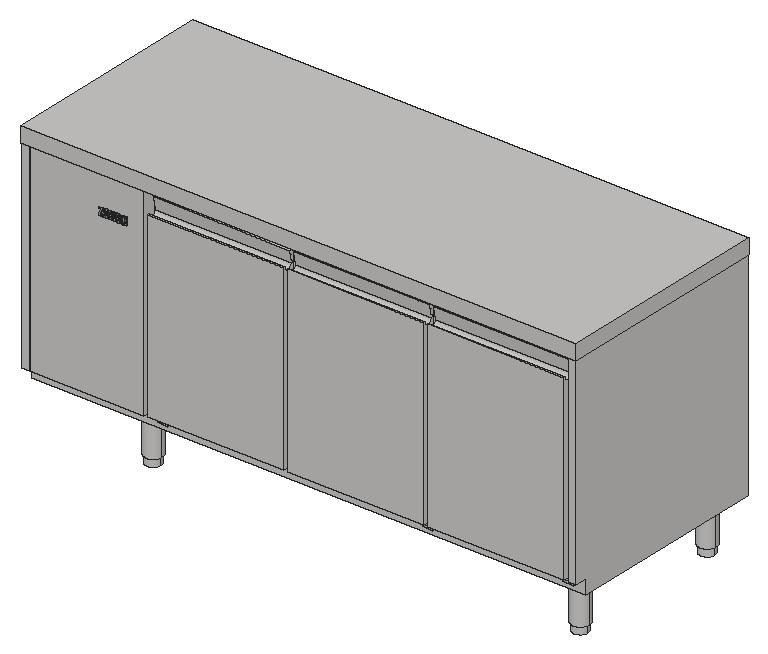
Revit family "QF_ZANUSSI_111071_ZH3KBAAA", category Specialty Equipment, Revit 2018
Family settings
  Round Connector Dimension = Use Diameter
  Part Type = Normal
  Work Plane-Based = No
  Always vertical = Yes
  Cut with Voids When Loaded = No
  Shared = No
  Room Calculation Point = No
Parameters
  Weight = 0.00 kg
  Watts = 0.0418064 W
  Volts = 220 V
  URL Manufacturer = "http://www.zanussiprofessional.com/"
  URL = "http://www.zanussiprofessional.com/"
  Steam Supply Size = 0 mm
  Steam Supply Minimum Pressure = 0.0 Pa
  Steam Supply Maximum Pressure = 0.0 Pa
  Steam Pounds per Hour = 0
  Show Logo [instance] = yes
  Show Clearance [instance] = yes
  Refrigeration Suction Line Size = 0 mm
  Refrigeration Liquid Line Size = 0 mm
  Refrigerant Compressor Remote = yes
  Manufacturer = "Zanussi"
  Phase = 1
  Model = "ZH3KBAAA"
  Length Actual = 1799 mm  # constant formula
  Item Number = "111071"
  Hot Water Size = 0 mm
  Height Actual = 900 mm  # constant formula
  HP = "0.6 HP"
  Gas Size = 0 mm
  Gas KW = 0
  Gas Input Pressure = 0 W
  Description = "3 DOORS FREEZER TABLE 440L"
  Depth Actual = 700 mm  # constant formula
  Cycle = 50 Hz
  Condensate Return Size = 0 mm
  Compressed Air Volume = 0.0 L/s
  Compressed Air Size = 0 mm
  Compressed Air Pressure = 0.0 Pa
  Cold Water Size = 0 mm
  Accessory = yes
Reference planes
  plane 1 "Center X": y = 182.5
  plane 2: z = 0
  plane 3 "Center Y": x = -353.5
  plane 4: y = -62.5
  plane 5: y = 451.5
  plane 6 "BACK": y = 532.5
  plane 7 "FRONT": y = -167.5
  plane 8: x = -906
  plane 9: x = 478
  plane 10: z = 150
  plane 11 "TOP": z = 900
  plane 12: z = 850
  plane 13 "LEFT": x = -1251
  plane 14 "RIGHT": x = 544
  plane 15: x = -1253
  plane 16: x = 546
Forms (mm)
  Extrusion 1, solid, material "QF_Finishes_Stainless Steel"
    sketch origin (-353.5, 2, 0) x (0, 1, 0) y (0, 0, 1)
      loop
        line (530.5, 150) -> (530.5, 850) -> (-124.5, 850) -> (-124.5, 150) -> (530.5, 150)
    from -897.5 to 897.5
  Extrusion 2, solid, material "QF_Finishes_Stainless Steel"
    sketch origin (-1022.223, -1524, 150) x (-1, 0, 0) y (0, -1, 0)
      loop
        line (228.777, -1361.5) -> (203.777, -1361.5) -> (203.777, -1401.5) -> (228.777, -1401.5) -> (228.777, -1361.5)
      loop
        line (-1566.223, -1401.5) -> (-1541.223, -1401.5) -> (-1541.223, -1361.5) -> (-1566.223, -1361.5) -> (-1566.223, -1401.5)
    from 47 to 700
  Extrusion 3, solid, material "QF_Finishes_Stainless Steel"
    sketch origin (0, 0, 900) x (-1, 0, 0) y (0, -1, 0)
      loop
        circle (170, -94.5) r 8.45
    from -790.577 to -750
  Extrusion 4, solid, material "QF_Finishes_Stainless Steel"
    sketch origin (0, 0, 0) x (1, 0, 0) y (0, 1, 0)
      loop
        circle (-1167, 451.5) r 4
    from 109.423 to 150
  Extrusion 5, solid, material "QF_Finishes_Stainless Steel"
    sketch origin (-126.5, 0, 0) x (0, 1, 0) y (0, 0, 1)
      loop
        line (-167.5, 900) -> (-167.5, 850) -> (532.5, 850) -> (532.5, 900) -> (-167.5, 900)
    from 672.5 to -1126.5
Cuts and joins
  joined: Extrusion 1, Extrusion 2
Lines and regions (mm)
  symbolic lines, style "SpecialityEquipmentHiddenLines"
    curve 1: line (-1253, -122.5, 900) -> (546, -122.5, 900)
    curve 2: line (-850, -167.5, 900) -> (-850, -122.5, 900)
  symbolic lines, style "SpecialityEquipment"
    curve 3: line (-1253, 532.5, 900) -> (546, 532.5, 900)
    curve 4: line (-1253, 532.5, 900) -> (-1253, -167.5, 900)
    curve 5: line (-1253, -167.5, 900) -> (546, -167.5, 900)
    curve 6: line (546, -167.5, 900) -> (546, 532.5, 900)
Dimensions and locks
  locked: plane 6 "BACK" to plane 7 "FRONT" at 700
  equal spacing: plane 6 "BACK", plane 1 "Center X", plane 7 "FRONT"
  locked: plane 6 "BACK" to plane 5 at 81
  plane 10 to level = 150 mm
  plane 11 "TOP" to plane 12 to plane 10 = 50 mm locked, 700 mm locked
  locked: Extrusion 2 sketch curve to Extrusion 2 sketch curve at 25  (x2)
  locked: plane 4 to plane 7 "FRONT" at 105
  locked: plane 6 "BACK" to Extrusion 3 sketch curve at 438
  equal spacing: plane 13 "LEFT", plane 3 "Center Y", plane 14 "RIGHT"
  plane 15 to plane 16 = 1799 mm
  locked: plane 13 "LEFT" to plane 8 at 345
  locked: plane 9 to plane 14 "RIGHT" at 66
  Extrusion 3 sketch curve to plane 14 "RIGHT" = 714 mm
  plane 13 "LEFT" to Extrusion 4 sketch curve = 84 mm
  locked: plane 6 "BACK" to Extrusion 4 sketch curve at 81
  locked: plane 10 to Extrusion 4 at 40.577
  aligned and locked: level to plane 2
  aligned and locked: plane 10 to Extrusion 3
  aligned and locked: nested 4 to plane 4
  aligned and locked: nested 1 to plane 4
  aligned and locked: nested 3 to plane 5
  aligned and locked: nested 2 to plane 5
  aligned and locked: plane 8 to nested 1
  aligned and locked: plane 8 to nested 2
  aligned and locked: plane 9 to nested 4
  aligned and locked: plane 9 to nested 3
  aligned and locked: Extrusion 1 to Extrusion 2
  aligned and locked: Extrusion 2 to Extrusion 1
  aligned and locked: Extrusion 2 sketch curve to plane 14 "RIGHT"
  aligned and locked: plane 13 "LEFT" to Extrusion 2 sketch curve
  aligned and locked: cut or joined group of Extrusion 1, Extrusion 2 to plane 10
  aligned and locked: plane 12 to cut or joined group of Extrusion 1, Extrusion 2
  aligned and locked: plane 10 to Extrusion 4
Automatic sketch dimensions
  plane 7 "FRONT" to Extrusion 2 sketch curve = 45 mm  (x2)
  plane 7 "FRONT" to Extrusion 2 sketch curve = 5 mm  (x2)
  Extrusion 1 sketch curve to plane 10 = 0 mm
  Extrusion 1 sketch curve to plane 12 = 0 mm
  Extrusion 1 sketch curve to plane 6 "BACK" = 0 mm
  plane 7 "FRONT" to Extrusion 1 sketch curve = 45 mm
  Extrusion 5 sketch curve to plane 7 "FRONT" = 0 mm
  Extrusion 5 sketch curve to plane 6 "BACK" = 0 mm
  Extrusion 5 sketch curve to plane 12 = 0 mm
  Extrusion 5 sketch curve to plane 11 "TOP" = 0 mm
  curve 6 to plane 6 "BACK" = 0 mm
  curve 6 to plane 16 = 0 mm
  curve 2 to plane 7 "FRONT" = 0 mm
  curve 5 to plane 15 = 0 mm
  plane 8 to curve 2 = 56 mm
  curve 1 to curve 4 = 45 mm
  radius of Extrusion 3 sketch curve = 8.45 mm
  radius of Extrusion 4 sketch curve = 4 mm
Nested families
  nested 1: "Foot_Ø50_H150" at (-906, -62.5, 0), type "Foot_Ø50_H150"
  nested 2: "Foot_Ø50_H150" at (-906, 451.5, 0), type "Foot_Ø50_H150"
  nested 3: "Foot_Ø50_H150" at (478, 451.5, 0), type "Foot_Ø50_H150"
  nested 4: "Foot_Ø50_H150" at (478, -62.5, 0), type "Foot_Ø50_H150"
  nested 5: "Door" at (285, -164.5, 0), Show Clearance <- "Show Clearance", type "Door"
  nested 6: "Door" at (-169, -164.5, 0), Show Clearance <- "Show Clearance", type "Door"
  nested 7: "Freezer" at (544, -167.5, 900), type "Freezer"
  nested 8: "ZAN_Cooling Unit" at (-1041.5, -164.5, 0), Show Logo <- "Show Logo", type "ZAN_Cooling Unit"
  nested 9: "Door" at (-623, -164.5, 0) x (-1, 0, 0) z (0, 0, 1), Show Clearance <- "Show Clearance", type "Door"
Connectors
  electrical at (-1167, 451.5, 109.423), driven by "Volts"
    settings: on Extrusion 4, index 4, voltage 220 V, apparent load 0 VA, apparent load phase1 0 VA, apparent load phase2 0 VA, apparent load phase3 0 VA, power factor 1, load classification "Altro", number of poles 1, system type 30, power factor state 1, is connector primary yes, connector utility no, sub classification motor no, connector description "Electrical Connection"
  piping at (-170, 94.5, 109.423), diameter 17
    settings: on Extrusion 3, index 5, connector inside diameter 609.6 mm, connector length 0 mm, flow factor 0, pipe flow 0.0 L/s, pressure drop 0.0 Pa, fitting loss kfactor 0, connector angle 0.00°, fixture units 0, engagement length 0 mm, angle of deflection 0.00°, flow configuration 1, flow direction 2, fitting loss method 0, system type 16, joint type 0, gender type 0, connector reference index -1, connector utility 0, adjustable connector no, is connector primary yes, connector description "Drain"
Definition of nested family "Foot_Ø50_H150"
  Reference planes
    plane 1 "Centro (Fronte/Retro)": y = 0
    plane 2: z = 0
    plane 3 "Centro (Sinistra/Destra)": x = 0
    plane 4: z = 150
  Forms (mm)
    Revolve 1, solid
      sketch origin (255.05, 0, 608.09) x (0, 0, 1) y (-1, 0, 0)
        loop
          line (-608.09, 255.05) -> (-608.09, 230.05) -> (-583.09, 230.05) -> (-583.09, 226.05) -> (-458.09, 226.05) -> (-458.09, 255.05) -> (-608.09, 255.05)
        axis (-608.09, 255.05) -> (-458.09, 255.05)
      angle from 0 to 360
  Dimensions and locks
    locked: Revolve 1 sketch curve to Revolve 1 sketch curve at 125
    aligned and locked: level to plane 2
    aligned and locked: plane 4 to Revolve 1 sketch curve
    aligned and locked: Revolve 1 sketch curve to level
    aligned and locked: plane 3 "Centro (Sinistra/Destra)" to Revolve 1 sketch curve
Definition of nested family "Door"
  Parameters
    Show Clearance [instance] = yes
  Reference planes
    plane 1 "FRONT": y = -3
    plane 2: z = 0
    plane 3 "Centro (Sinistra/Destra)": x = 0
    plane 4: z = 150
    plane 5: z = 850
    plane 6: x = -234
    plane 7: x = 234
    plane 8: x = -220
    plane 9: x = 220
  Forms (mm)
    Extrusion 1, solid
      sketch origin (0, 53, 511) x (0, 0, 1) y (0, -1, 0)
        loop
          line (-323.003, 28.5) -> (-316.501, 28.5) -> (-316.501, 31) -> (-325.503, 31) -> (-325.503, 13.5) -> (-345.503, 13.5) -> (-345.503, 11) -> (-323.003, 11) -> (-323.003, 23.259) -> (-323.003, 28.5)
        loop
          line (-314, 27) -> (-316.501, 27) -> (-316.501, 18.501) -> (-319.752, 18.501) -> (-319.752, 16) -> (-314, 16) -> (-314, 27)
        loop
          line (315.003, 27) -> (315.003, 13.948) -> (315.003, 11) -> (327.503, 11) -> (327.503, 13.5) -> (317.503, 13.5) -> (317.503, 27) -> (315.003, 27)
      from 185 to 220
    Extrusion 2, solid, visible <- "Show Clearance", detail levels coarse
      sketch origin (0, 53, 511) x (0, -1, 0) y (1, 0, 0)
        loop
          line (51, 220) -> (51, -220)
          arc (51, -220) -> (339.234, -79.44) -> (454, 220) r 437.168
          line (454, 220) -> (51, 220)
      from -314 to 314
    Extrusion 3, solid
      sketch origin (0, 55, 511) x (0, 0, 1) y (0, -1, 0)
        loop
          line (314, 18) -> (314, 29) -> (274.395, 22.5)
          arc (274.395, 22.5) -> (260.395, 36.5) -> (274.395, 50.5) r 14
          line (274.395, 50.5) -> (274.395, 53) -> (-314, 53) -> (-314, 18) -> (314, 18)
      from -220 to 220
  Lines and regions (mm)
    symbolic lines
      curve 1: line (220, -3, 0) -> (220, -401, 0)
      curve 2: line (220, -401, 0) -> (185, -401, 0)
      curve 3: line (185, -401, 0) -> (185, -3, 0)
      curve 4: arc (-219.722, -3, 0) -> (-89.51, -275.368, 0) -> (185, -401, 0) r 442.855
  Dimensions and locks
    aligned and locked: level to plane 2
Definition of nested family "ZAN_Cooling Unit"
  Parameters
    Show Logo [instance] = yes
  Reference planes
    plane 1 "FRONT": y = -3
    plane 2: z = 0
    plane 3 "Centro (Sinistra/Destra)": x = 0
    plane 4: z = 150
    plane 5: z = 850
    plane 6: x = -184.5
    plane 7: x = 184.5
  Forms (mm)
    Extrusion 1, solid
      sketch origin (0, 55, 511) x (0, 0, 1) y (0, -1, 0)
        loop
          line (-314, 53) -> (-314, 13) -> (339, 13) -> (339, 53) -> (-314, 53)
      from -184.5 to 184.5
  Lines and regions (mm)
    Split face 1
      outline origin (0, 2, 197) x (0, 0, 1) y (-1, 0, 0)
        loop
          line (566.835, 184.5) -> (566.835, -184.5)
        loop
          line (521.835, 184.5) -> (521.835, -184.5)
    Split face 2
      outline origin (0, 2, 197) x (0, 0, 1) y (-1, 0, 0)
        loop
          arc (510.649, 158.547) -> (506.648, 162.548) -> (502.647, 158.547) r 4.001
          line (502.647, 158.547) -> (502.647, 116.535)
          arc (502.647, 116.535) -> (506.648, 112.533) -> (510.649, 116.535) r 4.001
          line (510.649, 116.535) -> (510.649, 158.547)
    Split face 3
      outline origin (0, 2, 184.996) x (0, 0, 1) y (-1, 0, 0)
        loop
          arc (510.649, 158.547) -> (506.648, 162.548) -> (502.647, 158.547) r 4.001
          line (502.647, 158.547) -> (502.647, 116.535)
          arc (502.647, 116.535) -> (506.648, 112.533) -> (510.649, 116.535) r 4.001
          line (510.649, 116.535) -> (510.649, 158.547)
    Split face 4
      outline origin (0, 2, 172.993) x (0, 0, 1) y (-1, 0, 0)
        loop
          arc (510.649, 158.547) -> (506.648, 162.548) -> (502.647, 158.547) r 4.001
          line (502.647, 158.547) -> (502.647, 116.535)
          arc (502.647, 116.535) -> (506.648, 112.533) -> (510.649, 116.535) r 4.001
          line (510.649, 116.535) -> (510.649, 158.547)
    Split face 5
      outline origin (0, 2, 160.989) x (0, 0, 1) y (-1, 0, 0)
        loop
          arc (510.649, 158.547) -> (506.648, 162.548) -> (502.647, 158.547) r 4.001
          line (502.647, 158.547) -> (502.647, 116.535)
          arc (502.647, 116.535) -> (506.648, 112.533) -> (510.649, 116.535) r 4.001
          line (510.649, 116.535) -> (510.649, 158.547)
    Split face 6
      outline origin (0, 2, 148.986) x (0, 0, 1) y (-1, 0, 0)
        loop
          arc (510.649, 158.547) -> (506.648, 162.548) -> (502.647, 158.547) r 4.001
          line (502.647, 158.547) -> (502.647, 116.535)
          arc (502.647, 116.535) -> (506.648, 112.533) -> (510.649, 116.535) r 4.001
          line (510.649, 116.535) -> (510.649, 158.547)
    Split face 7
      outline origin (0, 2, 136.982) x (0, 0, 1) y (-1, 0, 0)
        loop
          arc (510.649, 158.547) -> (506.648, 162.548) -> (502.647, 158.547) r 4.001
          line (502.647, 158.547) -> (502.647, 116.535)
          arc (502.647, 116.535) -> (506.648, 112.533) -> (510.649, 116.535) r 4.001
          line (510.649, 116.535) -> (510.649, 158.547)
    Split face 8
      outline origin (0, 2, 124.979) x (0, 0, 1) y (-1, 0, 0)
        loop
          arc (510.649, 158.547) -> (506.648, 162.548) -> (502.647, 158.547) r 4.001
          line (502.647, 158.547) -> (502.647, 116.535)
          arc (502.647, 116.535) -> (506.648, 112.533) -> (510.649, 116.535) r 4.001
          line (510.649, 116.535) -> (510.649, 158.547)
    Split face 9
      outline origin (0, 2, 112.975) x (0, 0, 1) y (-1, 0, 0)
        loop
          arc (510.649, 158.547) -> (506.648, 162.548) -> (502.647, 158.547) r 4.001
          line (502.647, 158.547) -> (502.647, 116.535)
          arc (502.647, 116.535) -> (506.648, 112.533) -> (510.649, 116.535) r 4.001
          line (510.649, 116.535) -> (510.649, 158.547)
    Split face 10
      outline origin (0, 2, 100.972) x (0, 0, 1) y (-1, 0, 0)
        loop
          arc (510.649, 158.547) -> (506.648, 162.548) -> (502.647, 158.547) r 4.001
          line (502.647, 158.547) -> (502.647, 116.535)
          arc (502.647, 116.535) -> (506.648, 112.533) -> (510.649, 116.535) r 4.001
          line (510.649, 116.535) -> (510.649, 158.547)
    Split face 11
      outline origin (0, 2, 88.968) x (0, 0, 1) y (-1, 0, 0)
        loop
          arc (510.649, 158.547) -> (506.648, 162.548) -> (502.647, 158.547) r 4.001
          line (502.647, 158.547) -> (502.647, 116.535)
          arc (502.647, 116.535) -> (506.648, 112.533) -> (510.649, 116.535) r 4.001
          line (510.649, 116.535) -> (510.649, 158.547)
    Split face 12
      outline origin (0, 2, 76.965) x (0, 0, 1) y (-1, 0, 0)
        loop
          arc (510.649, 158.547) -> (506.648, 162.548) -> (502.647, 158.547) r 4.001
          line (502.647, 158.547) -> (502.647, 116.535)
          arc (502.647, 116.535) -> (506.648, 112.533) -> (510.649, 116.535) r 4.001
          line (510.649, 116.535) -> (510.649, 158.547)
    Split face 13
      outline origin (0, 2, 64.961) x (0, 0, 1) y (-1, 0, 0)
        loop
          arc (510.649, 158.547) -> (506.648, 162.548) -> (502.647, 158.547) r 4.001
          line (502.647, 158.547) -> (502.647, 116.535)
          arc (502.647, 116.535) -> (506.648, 112.533) -> (510.649, 116.535) r 4.001
          line (510.649, 116.535) -> (510.649, 158.547)
    Split face 14
      outline origin (0, 2, 52.958) x (0, 0, 1) y (-1, 0, 0)
        loop
          arc (510.649, 158.547) -> (506.648, 162.548) -> (502.647, 158.547) r 4.001
          line (502.647, 158.547) -> (502.647, 116.535)
          arc (502.647, 116.535) -> (506.648, 112.533) -> (510.649, 116.535) r 4.001
          line (510.649, 116.535) -> (510.649, 158.547)
    Split face 15
      outline origin (0, 2, 40.954) x (0, 0, 1) y (-1, 0, 0)
        loop
          arc (510.649, 158.547) -> (506.648, 162.548) -> (502.647, 158.547) r 4.001
          line (502.647, 158.547) -> (502.647, 116.535)
          arc (502.647, 116.535) -> (506.648, 112.533) -> (510.649, 116.535) r 4.001
          line (510.649, 116.535) -> (510.649, 158.547)
    Split face 16
      outline origin (0, 2, 28.951) x (0, 0, 1) y (-1, 0, 0)
        loop
          arc (510.649, 158.547) -> (506.648, 162.548) -> (502.647, 158.547) r 4.001
          line (502.647, 158.547) -> (502.647, 116.535)
          arc (502.647, 116.535) -> (506.648, 112.533) -> (510.649, 116.535) r 4.001
          line (510.649, 116.535) -> (510.649, 158.547)
    Split face 17
      outline origin (0, 2, 16.947) x (0, 0, 1) y (-1, 0, 0)
        loop
          arc (510.649, 158.547) -> (506.648, 162.548) -> (502.647, 158.547) r 4.001
          line (502.647, 158.547) -> (502.647, 116.535)
          arc (502.647, 116.535) -> (506.648, 112.533) -> (510.649, 116.535) r 4.001
          line (510.649, 116.535) -> (510.649, 158.547)
    Split face 18
      outline origin (55.016, 2, 197) x (0, 0, 1) y (-1, 0, 0)
        loop
          arc (510.649, 158.547) -> (506.648, 162.548) -> (502.647, 158.547) r 4.001
          line (502.647, 158.547) -> (502.647, 116.535)
          arc (502.647, 116.535) -> (506.648, 112.533) -> (510.649, 116.535) r 4.001
          line (510.649, 116.535) -> (510.649, 158.547)
    Split face 19
      outline origin (55.016, 2, 184.996) x (0, 0, 1) y (-1, 0, 0)
        loop
          arc (510.649, 158.547) -> (506.648, 162.548) -> (502.647, 158.547) r 4.001
          line (502.647, 158.547) -> (502.647, 116.535)
          arc (502.647, 116.535) -> (506.648, 112.533) -> (510.649, 116.535) r 4.001
          line (510.649, 116.535) -> (510.649, 158.547)
    Split face 20
      outline origin (55.016, 2, 172.993) x (0, 0, 1) y (-1, 0, 0)
        loop
          arc (510.649, 158.547) -> (506.648, 162.548) -> (502.647, 158.547) r 4.001
          line (502.647, 158.547) -> (502.647, 116.535)
          arc (502.647, 116.535) -> (506.648, 112.533) -> (510.649, 116.535) r 4.001
          line (510.649, 116.535) -> (510.649, 158.547)
    Split face 21
      outline origin (55.016, 2, 160.989) x (0, 0, 1) y (-1, 0, 0)
        loop
          arc (510.649, 158.547) -> (506.648, 162.548) -> (502.647, 158.547) r 4.001
          line (502.647, 158.547) -> (502.647, 116.535)
          arc (502.647, 116.535) -> (506.648, 112.533) -> (510.649, 116.535) r 4.001
          line (510.649, 116.535) -> (510.649, 158.547)
    Split face 22
      outline origin (55.016, 2, 148.986) x (0, 0, 1) y (-1, 0, 0)
        loop
          arc (510.649, 158.547) -> (506.648, 162.548) -> (502.647, 158.547) r 4.001
          line (502.647, 158.547) -> (502.647, 116.535)
          arc (502.647, 116.535) -> (506.648, 112.533) -> (510.649, 116.535) r 4.001
          line (510.649, 116.535) -> (510.649, 158.547)
    Split face 23
      outline origin (55.016, 2, 136.982) x (0, 0, 1) y (-1, 0, 0)
        loop
          arc (510.649, 158.547) -> (506.648, 162.548) -> (502.647, 158.547) r 4.001
          line (502.647, 158.547) -> (502.647, 116.535)
          arc (502.647, 116.535) -> (506.648, 112.533) -> (510.649, 116.535) r 4.001
          line (510.649, 116.535) -> (510.649, 158.547)
    Split face 24
      outline origin (55.016, 2, 124.979) x (0, 0, 1) y (-1, 0, 0)
        loop
          arc (510.649, 158.547) -> (506.648, 162.548) -> (502.647, 158.547) r 4.001
          line (502.647, 158.547) -> (502.647, 116.535)
          arc (502.647, 116.535) -> (506.648, 112.533) -> (510.649, 116.535) r 4.001
          line (510.649, 116.535) -> (510.649, 158.547)
    Split face 25
      outline origin (55.016, 2, 112.975) x (0, 0, 1) y (-1, 0, 0)
        loop
          arc (510.649, 158.547) -> (506.648, 162.548) -> (502.647, 158.547) r 4.001
          line (502.647, 158.547) -> (502.647, 116.535)
          arc (502.647, 116.535) -> (506.648, 112.533) -> (510.649, 116.535) r 4.001
          line (510.649, 116.535) -> (510.649, 158.547)
    Split face 26
      outline origin (55.016, 2, 100.972) x (0, 0, 1) y (-1, 0, 0)
        loop
          arc (510.649, 158.547) -> (506.648, 162.548) -> (502.647, 158.547) r 4.001
          line (502.647, 158.547) -> (502.647, 116.535)
          arc (502.647, 116.535) -> (506.648, 112.533) -> (510.649, 116.535) r 4.001
          line (510.649, 116.535) -> (510.649, 158.547)
    Split face 27
      outline origin (55.016, 2, 88.968) x (0, 0, 1) y (-1, 0, 0)
        loop
          arc (510.649, 158.547) -> (506.648, 162.548) -> (502.647, 158.547) r 4.001
          line (502.647, 158.547) -> (502.647, 116.535)
          arc (502.647, 116.535) -> (506.648, 112.533) -> (510.649, 116.535) r 4.001
          line (510.649, 116.535) -> (510.649, 158.547)
    Split face 28
      outline origin (55.016, 2, 76.965) x (0, 0, 1) y (-1, 0, 0)
        loop
          arc (510.649, 158.547) -> (506.648, 162.548) -> (502.647, 158.547) r 4.001
          line (502.647, 158.547) -> (502.647, 116.535)
          arc (502.647, 116.535) -> (506.648, 112.533) -> (510.649, 116.535) r 4.001
          line (510.649, 116.535) -> (510.649, 158.547)
    Split face 29
      outline origin (55.016, 2, 64.961) x (0, 0, 1) y (-1, 0, 0)
        loop
          arc (510.649, 158.547) -> (506.648, 162.548) -> (502.647, 158.547) r 4.001
          line (502.647, 158.547) -> (502.647, 116.535)
          arc (502.647, 116.535) -> (506.648, 112.533) -> (510.649, 116.535) r 4.001
          line (510.649, 116.535) -> (510.649, 158.547)
    Split face 30
      outline origin (55.016, 2, 52.958) x (0, 0, 1) y (-1, 0, 0)
        loop
          arc (510.649, 158.547) -> (506.648, 162.548) -> (502.647, 158.547) r 4.001
          line (502.647, 158.547) -> (502.647, 116.535)
          arc (502.647, 116.535) -> (506.648, 112.533) -> (510.649, 116.535) r 4.001
          line (510.649, 116.535) -> (510.649, 158.547)
    Split face 31
      outline origin (55.016, 2, 40.954) x (0, 0, 1) y (-1, 0, 0)
        loop
          arc (510.649, 158.547) -> (506.648, 162.548) -> (502.647, 158.547) r 4.001
          line (502.647, 158.547) -> (502.647, 116.535)
          arc (502.647, 116.535) -> (506.648, 112.533) -> (510.649, 116.535) r 4.001
          line (510.649, 116.535) -> (510.649, 158.547)
    Split face 32
      outline origin (55.016, 2, 28.951) x (0, 0, 1) y (-1, 0, 0)
        loop
          arc (510.649, 158.547) -> (506.648, 162.548) -> (502.647, 158.547) r 4.001
          line (502.647, 158.547) -> (502.647, 116.535)
          arc (502.647, 116.535) -> (506.648, 112.533) -> (510.649, 116.535) r 4.001
          line (510.649, 116.535) -> (510.649, 158.547)
    Split face 33
      outline origin (55.016, 2, 16.947) x (0, 0, 1) y (-1, 0, 0)
        loop
          arc (510.649, 158.547) -> (506.648, 162.548) -> (502.647, 158.547) r 4.001
          line (502.647, 158.547) -> (502.647, 116.535)
          arc (502.647, 116.535) -> (506.648, 112.533) -> (510.649, 116.535) r 4.001
          line (510.649, 116.535) -> (510.649, 158.547)
    Split face 34
      outline origin (110.032, 2, 197) x (0, 0, 1) y (-1, 0, 0)
        loop
          arc (510.649, 158.547) -> (506.648, 162.548) -> (502.647, 158.547) r 4.001
          line (502.647, 158.547) -> (502.647, 116.535)
          arc (502.647, 116.535) -> (506.648, 112.533) -> (510.649, 116.535) r 4.001
          line (510.649, 116.535) -> (510.649, 158.547)
    Split face 35
      outline origin (110.032, 2, 184.996) x (0, 0, 1) y (-1, 0, 0)
        loop
          arc (510.649, 158.547) -> (506.648, 162.548) -> (502.647, 158.547) r 4.001
          line (502.647, 158.547) -> (502.647, 116.535)
          arc (502.647, 116.535) -> (506.648, 112.533) -> (510.649, 116.535) r 4.001
          line (510.649, 116.535) -> (510.649, 158.547)
    Split face 36
      outline origin (110.032, 2, 172.993) x (0, 0, 1) y (-1, 0, 0)
        loop
          arc (510.649, 158.547) -> (506.648, 162.548) -> (502.647, 158.547) r 4.001
          line (502.647, 158.547) -> (502.647, 116.535)
          arc (502.647, 116.535) -> (506.648, 112.533) -> (510.649, 116.535) r 4.001
          line (510.649, 116.535) -> (510.649, 158.547)
    Split face 37
      outline origin (110.032, 2, 160.989) x (0, 0, 1) y (-1, 0, 0)
        loop
          arc (510.649, 158.547) -> (506.648, 162.548) -> (502.647, 158.547) r 4.001
          line (502.647, 158.547) -> (502.647, 116.535)
          arc (502.647, 116.535) -> (506.648, 112.533) -> (510.649, 116.535) r 4.001
          line (510.649, 116.535) -> (510.649, 158.547)
    Split face 38
      outline origin (110.032, 2, 148.986) x (0, 0, 1) y (-1, 0, 0)
        loop
          arc (510.649, 158.547) -> (506.648, 162.548) -> (502.647, 158.547) r 4.001
          line (502.647, 158.547) -> (502.647, 116.535)
          arc (502.647, 116.535) -> (506.648, 112.533) -> (510.649, 116.535) r 4.001
          line (510.649, 116.535) -> (510.649, 158.547)
    Split face 39
      outline origin (110.032, 2, 136.982) x (0, 0, 1) y (-1, 0, 0)
        loop
          arc (510.649, 158.547) -> (506.648, 162.548) -> (502.647, 158.547) r 4.001
          line (502.647, 158.547) -> (502.647, 116.535)
          arc (502.647, 116.535) -> (506.648, 112.533) -> (510.649, 116.535) r 4.001
          line (510.649, 116.535) -> (510.649, 158.547)
    Split face 40
      outline origin (110.032, 2, 124.979) x (0, 0, 1) y (-1, 0, 0)
        loop
          arc (510.649, 158.547) -> (506.648, 162.548) -> (502.647, 158.547) r 4.001
          line (502.647, 158.547) -> (502.647, 116.535)
          arc (502.647, 116.535) -> (506.648, 112.533) -> (510.649, 116.535) r 4.001
          line (510.649, 116.535) -> (510.649, 158.547)
    Split face 41
      outline origin (110.032, 2, 112.975) x (0, 0, 1) y (-1, 0, 0)
        loop
          arc (510.649, 158.547) -> (506.648, 162.548) -> (502.647, 158.547) r 4.001
          line (502.647, 158.547) -> (502.647, 116.535)
          arc (502.647, 116.535) -> (506.648, 112.533) -> (510.649, 116.535) r 4.001
          line (510.649, 116.535) -> (510.649, 158.547)
    Split face 42
      outline origin (110.032, 2, 100.972) x (0, 0, 1) y (-1, 0, 0)
        loop
          arc (510.649, 158.547) -> (506.648, 162.548) -> (502.647, 158.547) r 4.001
          line (502.647, 158.547) -> (502.647, 116.535)
          arc (502.647, 116.535) -> (506.648, 112.533) -> (510.649, 116.535) r 4.001
          line (510.649, 116.535) -> (510.649, 158.547)
    Split face 43
      outline origin (110.032, 2, 88.968) x (0, 0, 1) y (-1, 0, 0)
        loop
          arc (510.649, 158.547) -> (506.648, 162.548) -> (502.647, 158.547) r 4.001
          line (502.647, 158.547) -> (502.647, 116.535)
          arc (502.647, 116.535) -> (506.648, 112.533) -> (510.649, 116.535) r 4.001
          line (510.649, 116.535) -> (510.649, 158.547)
    Split face 44
      outline origin (110.032, 2, 76.965) x (0, 0, 1) y (-1, 0, 0)
        loop
          arc (510.649, 158.547) -> (506.648, 162.548) -> (502.647, 158.547) r 4.001
          line (502.647, 158.547) -> (502.647, 116.535)
          arc (502.647, 116.535) -> (506.648, 112.533) -> (510.649, 116.535) r 4.001
          line (510.649, 116.535) -> (510.649, 158.547)
    Split face 45
      outline origin (110.032, 2, 64.961) x (0, 0, 1) y (-1, 0, 0)
        loop
          arc (510.649, 158.547) -> (506.648, 162.548) -> (502.647, 158.547) r 4.001
          line (502.647, 158.547) -> (502.647, 116.535)
          arc (502.647, 116.535) -> (506.648, 112.533) -> (510.649, 116.535) r 4.001
          line (510.649, 116.535) -> (510.649, 158.547)
    Split face 46
      outline origin (110.032, 2, 52.958) x (0, 0, 1) y (-1, 0, 0)
        loop
          arc (510.649, 158.547) -> (506.648, 162.548) -> (502.647, 158.547) r 4.001
          line (502.647, 158.547) -> (502.647, 116.535)
          arc (502.647, 116.535) -> (506.648, 112.533) -> (510.649, 116.535) r 4.001
          line (510.649, 116.535) -> (510.649, 158.547)
    Split face 47
      outline origin (110.032, 2, 40.954) x (0, 0, 1) y (-1, 0, 0)
        loop
          arc (510.649, 158.547) -> (506.648, 162.548) -> (502.647, 158.547) r 4.001
          line (502.647, 158.547) -> (502.647, 116.535)
          arc (502.647, 116.535) -> (506.648, 112.533) -> (510.649, 116.535) r 4.001
          line (510.649, 116.535) -> (510.649, 158.547)
    Split face 48
      outline origin (110.032, 2, 28.951) x (0, 0, 1) y (-1, 0, 0)
        loop
          arc (510.649, 158.547) -> (506.648, 162.548) -> (502.647, 158.547) r 4.001
          line (502.647, 158.547) -> (502.647, 116.535)
          arc (502.647, 116.535) -> (506.648, 112.533) -> (510.649, 116.535) r 4.001
          line (510.649, 116.535) -> (510.649, 158.547)
    Split face 49
      outline origin (110.032, 2, 16.947) x (0, 0, 1) y (-1, 0, 0)
        loop
          arc (510.649, 158.547) -> (506.648, 162.548) -> (502.647, 158.547) r 4.001
          line (502.647, 158.547) -> (502.647, 116.535)
          arc (502.647, 116.535) -> (506.648, 112.533) -> (510.649, 116.535) r 4.001
          line (510.649, 116.535) -> (510.649, 158.547)
    Split face 50
      outline origin (165.048, 2, 197) x (0, 0, 1) y (-1, 0, 0)
        loop
          arc (510.649, 158.547) -> (506.648, 162.548) -> (502.647, 158.547) r 4.001
          line (502.647, 158.547) -> (502.647, 116.535)
          arc (502.647, 116.535) -> (506.648, 112.533) -> (510.649, 116.535) r 4.001
          line (510.649, 116.535) -> (510.649, 158.547)
    Split face 51
      outline origin (165.048, 2, 184.996) x (0, 0, 1) y (-1, 0, 0)
        loop
          arc (510.649, 158.547) -> (506.648, 162.548) -> (502.647, 158.547) r 4.001
          line (502.647, 158.547) -> (502.647, 116.535)
          arc (502.647, 116.535) -> (506.648, 112.533) -> (510.649, 116.535) r 4.001
          line (510.649, 116.535) -> (510.649, 158.547)
    Split face 52
      outline origin (165.048, 2, 172.993) x (0, 0, 1) y (-1, 0, 0)
        loop
          arc (510.649, 158.547) -> (506.648, 162.548) -> (502.647, 158.547) r 4.001
          line (502.647, 158.547) -> (502.647, 116.535)
          arc (502.647, 116.535) -> (506.648, 112.533) -> (510.649, 116.535) r 4.001
          line (510.649, 116.535) -> (510.649, 158.547)
    Split face 53
      outline origin (165.048, 2, 160.989) x (0, 0, 1) y (-1, 0, 0)
        loop
          arc (510.649, 158.547) -> (506.648, 162.548) -> (502.647, 158.547) r 4.001
          line (502.647, 158.547) -> (502.647, 116.535)
          arc (502.647, 116.535) -> (506.648, 112.533) -> (510.649, 116.535) r 4.001
          line (510.649, 116.535) -> (510.649, 158.547)
    Split face 54
      outline origin (165.048, 2, 148.986) x (0, 0, 1) y (-1, 0, 0)
        loop
          arc (510.649, 158.547) -> (506.648, 162.548) -> (502.647, 158.547) r 4.001
          line (502.647, 158.547) -> (502.647, 116.535)
          arc (502.647, 116.535) -> (506.648, 112.533) -> (510.649, 116.535) r 4.001
          line (510.649, 116.535) -> (510.649, 158.547)
    Split face 55
      outline origin (165.048, 2, 136.982) x (0, 0, 1) y (-1, 0, 0)
        loop
          arc (510.649, 158.547) -> (506.648, 162.548) -> (502.647, 158.547) r 4.001
          line (502.647, 158.547) -> (502.647, 116.535)
          arc (502.647, 116.535) -> (506.648, 112.533) -> (510.649, 116.535) r 4.001
          line (510.649, 116.535) -> (510.649, 158.547)
    Split face 56
      outline origin (165.048, 2, 124.979) x (0, 0, 1) y (-1, 0, 0)
        loop
          arc (510.649, 158.547) -> (506.648, 162.548) -> (502.647, 158.547) r 4.001
          line (502.647, 158.547) -> (502.647, 116.535)
          arc (502.647, 116.535) -> (506.648, 112.533) -> (510.649, 116.535) r 4.001
          line (510.649, 116.535) -> (510.649, 158.547)
    Split face 57
      outline origin (165.048, 2, 112.975) x (0, 0, 1) y (-1, 0, 0)
        loop
          arc (510.649, 158.547) -> (506.648, 162.548) -> (502.647, 158.547) r 4.001
          line (502.647, 158.547) -> (502.647, 116.535)
          arc (502.647, 116.535) -> (506.648, 112.533) -> (510.649, 116.535) r 4.001
          line (510.649, 116.535) -> (510.649, 158.547)
    Split face 58
      outline origin (165.048, 2, 100.972) x (0, 0, 1) y (-1, 0, 0)
        loop
          arc (510.649, 158.547) -> (506.648, 162.548) -> (502.647, 158.547) r 4.001
          line (502.647, 158.547) -> (502.647, 116.535)
          arc (502.647, 116.535) -> (506.648, 112.533) -> (510.649, 116.535) r 4.001
          line (510.649, 116.535) -> (510.649, 158.547)
    Split face 59
      outline origin (165.048, 2, 88.968) x (0, 0, 1) y (-1, 0, 0)
        loop
          arc (510.649, 158.547) -> (506.648, 162.548) -> (502.647, 158.547) r 4.001
          line (502.647, 158.547) -> (502.647, 116.535)
          arc (502.647, 116.535) -> (506.648, 112.533) -> (510.649, 116.535) r 4.001
          line (510.649, 116.535) -> (510.649, 158.547)
    Split face 60
      outline origin (165.048, 2, 76.965) x (0, 0, 1) y (-1, 0, 0)
        loop
          arc (510.649, 158.547) -> (506.648, 162.548) -> (502.647, 158.547) r 4.001
          line (502.647, 158.547) -> (502.647, 116.535)
          arc (502.647, 116.535) -> (506.648, 112.533) -> (510.649, 116.535) r 4.001
          line (510.649, 116.535) -> (510.649, 158.547)
    Split face 61
      outline origin (165.048, 2, 64.961) x (0, 0, 1) y (-1, 0, 0)
        loop
          arc (510.649, 158.547) -> (506.648, 162.548) -> (502.647, 158.547) r 4.001
          line (502.647, 158.547) -> (502.647, 116.535)
          arc (502.647, 116.535) -> (506.648, 112.533) -> (510.649, 116.535) r 4.001
          line (510.649, 116.535) -> (510.649, 158.547)
    Split face 62
      outline origin (165.048, 2, 52.958) x (0, 0, 1) y (-1, 0, 0)
        loop
          arc (510.649, 158.547) -> (506.648, 162.548) -> (502.647, 158.547) r 4.001
          line (502.647, 158.547) -> (502.647, 116.535)
          arc (502.647, 116.535) -> (506.648, 112.533) -> (510.649, 116.535) r 4.001
          line (510.649, 116.535) -> (510.649, 158.547)
    Split face 63
      outline origin (165.048, 2, 40.954) x (0, 0, 1) y (-1, 0, 0)
        loop
          arc (510.649, 158.547) -> (506.648, 162.548) -> (502.647, 158.547) r 4.001
          line (502.647, 158.547) -> (502.647, 116.535)
          arc (502.647, 116.535) -> (506.648, 112.533) -> (510.649, 116.535) r 4.001
          line (510.649, 116.535) -> (510.649, 158.547)
    Split face 64
      outline origin (165.048, 2, 28.951) x (0, 0, 1) y (-1, 0, 0)
        loop
          arc (510.649, 158.547) -> (506.648, 162.548) -> (502.647, 158.547) r 4.001
          line (502.647, 158.547) -> (502.647, 116.535)
          arc (502.647, 116.535) -> (506.648, 112.533) -> (510.649, 116.535) r 4.001
          line (510.649, 116.535) -> (510.649, 158.547)
    Split face 65
      outline origin (165.048, 2, 16.947) x (0, 0, 1) y (-1, 0, 0)
        loop
          arc (510.649, 158.547) -> (506.648, 162.548) -> (502.647, 158.547) r 4.001
          line (502.647, 158.547) -> (502.647, 116.535)
          arc (502.647, 116.535) -> (506.648, 112.533) -> (510.649, 116.535) r 4.001
          line (510.649, 116.535) -> (510.649, 158.547)
    Split face 66
      outline origin (220.064, 2, 197) x (0, 0, 1) y (-1, 0, 0)
        loop
          arc (510.649, 158.547) -> (506.648, 162.548) -> (502.647, 158.547) r 4.001
          line (502.647, 158.547) -> (502.647, 116.535)
          arc (502.647, 116.535) -> (506.648, 112.533) -> (510.649, 116.535) r 4.001
          line (510.649, 116.535) -> (510.649, 158.547)
    Split face 67
      outline origin (220.064, 2, 184.996) x (0, 0, 1) y (-1, 0, 0)
        loop
          arc (510.649, 158.547) -> (506.648, 162.548) -> (502.647, 158.547) r 4.001
          line (502.647, 158.547) -> (502.647, 116.535)
          arc (502.647, 116.535) -> (506.648, 112.533) -> (510.649, 116.535) r 4.001
          line (510.649, 116.535) -> (510.649, 158.547)
    Split face 68
      outline origin (220.064, 2, 172.993) x (0, 0, 1) y (-1, 0, 0)
        loop
          arc (510.649, 158.547) -> (506.648, 162.548) -> (502.647, 158.547) r 4.001
          line (502.647, 158.547) -> (502.647, 116.535)
          arc (502.647, 116.535) -> (506.648, 112.533) -> (510.649, 116.535) r 4.001
          line (510.649, 116.535) -> (510.649, 158.547)
    Split face 69
      outline origin (220.064, 2, 160.989) x (0, 0, 1) y (-1, 0, 0)
        loop
          arc (510.649, 158.547) -> (506.648, 162.548) -> (502.647, 158.547) r 4.001
          line (502.647, 158.547) -> (502.647, 116.535)
          arc (502.647, 116.535) -> (506.648, 112.533) -> (510.649, 116.535) r 4.001
          line (510.649, 116.535) -> (510.649, 158.547)
    Split face 70
      outline origin (220.064, 2, 148.986) x (0, 0, 1) y (-1, 0, 0)
        loop
          arc (510.649, 158.547) -> (506.648, 162.548) -> (502.647, 158.547) r 4.001
          line (502.647, 158.547) -> (502.647, 116.535)
          arc (502.647, 116.535) -> (506.648, 112.533) -> (510.649, 116.535) r 4.001
          line (510.649, 116.535) -> (510.649, 158.547)
    Split face 71
      outline origin (220.064, 2, 136.982) x (0, 0, 1) y (-1, 0, 0)
        loop
          arc (510.649, 158.547) -> (506.648, 162.548) -> (502.647, 158.547) r 4.001
          line (502.647, 158.547) -> (502.647, 116.535)
          arc (502.647, 116.535) -> (506.648, 112.533) -> (510.649, 116.535) r 4.001
          line (510.649, 116.535) -> (510.649, 158.547)
    Split face 72
      outline origin (220.064, 2, 124.979) x (0, 0, 1) y (-1, 0, 0)
        loop
          arc (510.649, 158.547) -> (506.648, 162.548) -> (502.647, 158.547) r 4.001
          line (502.647, 158.547) -> (502.647, 116.535)
          arc (502.647, 116.535) -> (506.648, 112.533) -> (510.649, 116.535) r 4.001
          line (510.649, 116.535) -> (510.649, 158.547)
    Split face 73
      outline origin (220.064, 2, 112.975) x (0, 0, 1) y (-1, 0, 0)
        loop
          arc (510.649, 158.547) -> (506.648, 162.548) -> (502.647, 158.547) r 4.001
          line (502.647, 158.547) -> (502.647, 116.535)
          arc (502.647, 116.535) -> (506.648, 112.533) -> (510.649, 116.535) r 4.001
          line (510.649, 116.535) -> (510.649, 158.547)
    Split face 74
      outline origin (220.064, 2, 100.972) x (0, 0, 1) y (-1, 0, 0)
        loop
          arc (510.649, 158.547) -> (506.648, 162.548) -> (502.647, 158.547) r 4.001
          line (502.647, 158.547) -> (502.647, 116.535)
          arc (502.647, 116.535) -> (506.648, 112.533) -> (510.649, 116.535) r 4.001
          line (510.649, 116.535) -> (510.649, 158.547)
    Split face 75
      outline origin (220.064, 2, 88.968) x (0, 0, 1) y (-1, 0, 0)
        loop
          arc (510.649, 158.547) -> (506.648, 162.548) -> (502.647, 158.547) r 4.001
          line (502.647, 158.547) -> (502.647, 116.535)
          arc (502.647, 116.535) -> (506.648, 112.533) -> (510.649, 116.535) r 4.001
          line (510.649, 116.535) -> (510.649, 158.547)
    Split face 76
      outline origin (220.064, 2, 76.965) x (0, 0, 1) y (-1, 0, 0)
        loop
          arc (510.649, 158.547) -> (506.648, 162.548) -> (502.647, 158.547) r 4.001
          line (502.647, 158.547) -> (502.647, 116.535)
          arc (502.647, 116.535) -> (506.648, 112.533) -> (510.649, 116.535) r 4.001
          line (510.649, 116.535) -> (510.649, 158.547)
    Split face 77
      outline origin (220.064, 2, 64.961) x (0, 0, 1) y (-1, 0, 0)
        loop
          arc (510.649, 158.547) -> (506.648, 162.548) -> (502.647, 158.547) r 4.001
          line (502.647, 158.547) -> (502.647, 116.535)
          arc (502.647, 116.535) -> (506.648, 112.533) -> (510.649, 116.535) r 4.001
          line (510.649, 116.535) -> (510.649, 158.547)
    Split face 78
      outline origin (220.064, 2, 52.958) x (0, 0, 1) y (-1, 0, 0)
        loop
          arc (510.649, 158.547) -> (506.648, 162.548) -> (502.647, 158.547) r 4.001
          line (502.647, 158.547) -> (502.647, 116.535)
          arc (502.647, 116.535) -> (506.648, 112.533) -> (510.649, 116.535) r 4.001
          line (510.649, 116.535) -> (510.649, 158.547)
    Split face 79
      outline origin (220.064, 2, 40.954) x (0, 0, 1) y (-1, 0, 0)
        loop
          arc (510.649, 158.547) -> (506.648, 162.548) -> (502.647, 158.547) r 4.001
          line (502.647, 158.547) -> (502.647, 116.535)
          arc (502.647, 116.535) -> (506.648, 112.533) -> (510.649, 116.535) r 4.001
          line (510.649, 116.535) -> (510.649, 158.547)
    Split face 80
      outline origin (220.064, 2, 28.951) x (0, 0, 1) y (-1, 0, 0)
        loop
          arc (510.649, 158.547) -> (506.648, 162.548) -> (502.647, 158.547) r 4.001
          line (502.647, 158.547) -> (502.647, 116.535)
          arc (502.647, 116.535) -> (506.648, 112.533) -> (510.649, 116.535) r 4.001
          line (510.649, 116.535) -> (510.649, 158.547)
    Split face 81
      outline origin (220.064, 2, 16.947) x (0, 0, 1) y (-1, 0, 0)
        loop
          arc (510.649, 158.547) -> (506.648, 162.548) -> (502.647, 158.547) r 4.001
          line (502.647, 158.547) -> (502.647, 116.535)
          arc (502.647, 116.535) -> (506.648, 112.533) -> (510.649, 116.535) r 4.001
          line (510.649, 116.535) -> (510.649, 158.547)
    Split face 82
      outline origin (275.081, 2, 197) x (0, 0, 1) y (-1, 0, 0)
        loop
          arc (510.649, 158.547) -> (506.648, 162.548) -> (502.647, 158.547) r 4.001
          line (502.647, 158.547) -> (502.647, 116.535)
          arc (502.647, 116.535) -> (506.648, 112.533) -> (510.649, 116.535) r 4.001
          line (510.649, 116.535) -> (510.649, 158.547)
    Split face 83
      outline origin (275.081, 2, 184.996) x (0, 0, 1) y (-1, 0, 0)
        loop
          arc (510.649, 158.547) -> (506.648, 162.548) -> (502.647, 158.547) r 4.001
          line (502.647, 158.547) -> (502.647, 116.535)
          arc (502.647, 116.535) -> (506.648, 112.533) -> (510.649, 116.535) r 4.001
          line (510.649, 116.535) -> (510.649, 158.547)
    Split face 84
      outline origin (275.081, 2, 172.993) x (0, 0, 1) y (-1, 0, 0)
        loop
          arc (510.649, 158.547) -> (506.648, 162.548) -> (502.647, 158.547) r 4.001
          line (502.647, 158.547) -> (502.647, 116.535)
          arc (502.647, 116.535) -> (506.648, 112.533) -> (510.649, 116.535) r 4.001
          line (510.649, 116.535) -> (510.649, 158.547)
    Split face 85
      outline origin (275.081, 2, 160.989) x (0, 0, 1) y (-1, 0, 0)
        loop
          arc (510.649, 158.547) -> (506.648, 162.548) -> (502.647, 158.547) r 4.001
          line (502.647, 158.547) -> (502.647, 116.535)
          arc (502.647, 116.535) -> (506.648, 112.533) -> (510.649, 116.535) r 4.001
          line (510.649, 116.535) -> (510.649, 158.547)
    Split face 86
      outline origin (275.081, 2, 148.986) x (0, 0, 1) y (-1, 0, 0)
        loop
          arc (510.649, 158.547) -> (506.648, 162.548) -> (502.647, 158.547) r 4.001
          line (502.647, 158.547) -> (502.647, 116.535)
          arc (502.647, 116.535) -> (506.648, 112.533) -> (510.649, 116.535) r 4.001
          line (510.649, 116.535) -> (510.649, 158.547)
    Split face 87
      outline origin (275.081, 2, 136.982) x (0, 0, 1) y (-1, 0, 0)
        loop
          arc (510.649, 158.547) -> (506.648, 162.548) -> (502.647, 158.547) r 4.001
          line (502.647, 158.547) -> (502.647, 116.535)
          arc (502.647, 116.535) -> (506.648, 112.533) -> (510.649, 116.535) r 4.001
          line (510.649, 116.535) -> (510.649, 158.547)
    Split face 88
      outline origin (275.081, 2, 124.979) x (0, 0, 1) y (-1, 0, 0)
        loop
          arc (510.649, 158.547) -> (506.648, 162.548) -> (502.647, 158.547) r 4.001
          line (502.647, 158.547) -> (502.647, 116.535)
          arc (502.647, 116.535) -> (506.648, 112.533) -> (510.649, 116.535) r 4.001
          line (510.649, 116.535) -> (510.649, 158.547)
    Split face 89
      outline origin (275.081, 2, 112.975) x (0, 0, 1) y (-1, 0, 0)
        loop
          arc (510.649, 158.547) -> (506.648, 162.548) -> (502.647, 158.547) r 4.001
          line (502.647, 158.547) -> (502.647, 116.535)
          arc (502.647, 116.535) -> (506.648, 112.533) -> (510.649, 116.535) r 4.001
          line (510.649, 116.535) -> (510.649, 158.547)
    Split face 90
      outline origin (275.081, 2, 100.972) x (0, 0, 1) y (-1, 0, 0)
        loop
          arc (510.649, 158.547) -> (506.648, 162.548) -> (502.647, 158.547) r 4.001
          line (502.647, 158.547) -> (502.647, 116.535)
          arc (502.647, 116.535) -> (506.648, 112.533) -> (510.649, 116.535) r 4.001
          line (510.649, 116.535) -> (510.649, 158.547)
    Split face 91
      outline origin (275.081, 2, 88.968) x (0, 0, 1) y (-1, 0, 0)
        loop
          arc (510.649, 158.547) -> (506.648, 162.548) -> (502.647, 158.547) r 4.001
          line (502.647, 158.547) -> (502.647, 116.535)
          arc (502.647, 116.535) -> (506.648, 112.533) -> (510.649, 116.535) r 4.001
          line (510.649, 116.535) -> (510.649, 158.547)
    Split face 92
      outline origin (275.081, 2, 76.965) x (0, 0, 1) y (-1, 0, 0)
        loop
          arc (510.649, 158.547) -> (506.648, 162.548) -> (502.647, 158.547) r 4.001
          line (502.647, 158.547) -> (502.647, 116.535)
          arc (502.647, 116.535) -> (506.648, 112.533) -> (510.649, 116.535) r 4.001
          line (510.649, 116.535) -> (510.649, 158.547)
    Split face 93
      outline origin (275.081, 2, 64.961) x (0, 0, 1) y (-1, 0, 0)
        loop
          arc (510.649, 158.547) -> (506.648, 162.548) -> (502.647, 158.547) r 4.001
          line (502.647, 158.547) -> (502.647, 116.535)
          arc (502.647, 116.535) -> (506.648, 112.533) -> (510.649, 116.535) r 4.001
          line (510.649, 116.535) -> (510.649, 158.547)
    Split face 94
      outline origin (275.081, 2, 52.958) x (0, 0, 1) y (-1, 0, 0)
        loop
          arc (510.649, 158.547) -> (506.648, 162.548) -> (502.647, 158.547) r 4.001
          line (502.647, 158.547) -> (502.647, 116.535)
          arc (502.647, 116.535) -> (506.648, 112.533) -> (510.649, 116.535) r 4.001
          line (510.649, 116.535) -> (510.649, 158.547)
    Split face 95
      outline origin (275.081, 2, 40.954) x (0, 0, 1) y (-1, 0, 0)
        loop
          arc (510.649, 158.547) -> (506.648, 162.548) -> (502.647, 158.547) r 4.001
          line (502.647, 158.547) -> (502.647, 116.535)
          arc (502.647, 116.535) -> (506.648, 112.533) -> (510.649, 116.535) r 4.001
          line (510.649, 116.535) -> (510.649, 158.547)
    Split face 96
      outline origin (275.081, 2, 28.951) x (0, 0, 1) y (-1, 0, 0)
        loop
          arc (510.649, 158.547) -> (506.648, 162.548) -> (502.647, 158.547) r 4.001
          line (502.647, 158.547) -> (502.647, 116.535)
          arc (502.647, 116.535) -> (506.648, 112.533) -> (510.649, 116.535) r 4.001
          line (510.649, 116.535) -> (510.649, 158.547)
    Split face 97
      outline origin (275.081, 2, 16.947) x (0, 0, 1) y (-1, 0, 0)
        loop
          arc (510.649, 158.547) -> (506.648, 162.548) -> (502.647, 158.547) r 4.001
          line (502.647, 158.547) -> (502.647, 116.535)
          arc (502.647, 116.535) -> (506.648, 112.533) -> (510.649, 116.535) r 4.001
          line (510.649, 116.535) -> (510.649, 158.547)
    Split face 98
      outline origin (0, 2, -113.091) x (0, 0, 1) y (-1, 0, 0)
        loop
          arc (510.649, 158.547) -> (506.648, 162.548) -> (502.647, 158.547) r 4.001
          line (502.647, 158.547) -> (502.647, 116.535)
          arc (502.647, 116.535) -> (506.648, 112.533) -> (510.649, 116.535) r 4.001
          line (510.649, 116.535) -> (510.649, 158.547)
    Split face 99
      outline origin (0, 2, -125.094) x (0, 0, 1) y (-1, 0, 0)
        loop
          arc (510.649, 158.547) -> (506.648, 162.548) -> (502.647, 158.547) r 4.001
          line (502.647, 158.547) -> (502.647, 116.535)
          arc (502.647, 116.535) -> (506.648, 112.533) -> (510.649, 116.535) r 4.001
          line (510.649, 116.535) -> (510.649, 158.547)
    Split face 100
      outline origin (0, 2, -137.098) x (0, 0, 1) y (-1, 0, 0)
        loop
          arc (510.649, 158.547) -> (506.648, 162.548) -> (502.647, 158.547) r 4.001
          line (502.647, 158.547) -> (502.647, 116.535)
          arc (502.647, 116.535) -> (506.648, 112.533) -> (510.649, 116.535) r 4.001
          line (510.649, 116.535) -> (510.649, 158.547)
    Split face 101
      outline origin (0, 2, -149.101) x (0, 0, 1) y (-1, 0, 0)
        loop
          arc (510.649, 158.547) -> (506.648, 162.548) -> (502.647, 158.547) r 4.001
          line (502.647, 158.547) -> (502.647, 116.535)
          arc (502.647, 116.535) -> (506.648, 112.533) -> (510.649, 116.535) r 4.001
          line (510.649, 116.535) -> (510.649, 158.547)
    Split face 102
      outline origin (0, 2, -161.105) x (0, 0, 1) y (-1, 0, 0)
        loop
          arc (510.649, 158.547) -> (506.648, 162.548) -> (502.647, 158.547) r 4.001
          line (502.647, 158.547) -> (502.647, 116.535)
          arc (502.647, 116.535) -> (506.648, 112.533) -> (510.649, 116.535) r 4.001
          line (510.649, 116.535) -> (510.649, 158.547)
    Split face 103
      outline origin (0, 2, -173.108) x (0, 0, 1) y (-1, 0, 0)
        loop
          arc (510.649, 158.547) -> (506.648, 162.548) -> (502.647, 158.547) r 4.001
          line (502.647, 158.547) -> (502.647, 116.535)
          arc (502.647, 116.535) -> (506.648, 112.533) -> (510.649, 116.535) r 4.001
          line (510.649, 116.535) -> (510.649, 158.547)
    Split face 104
      outline origin (0, 2, -185.112) x (0, 0, 1) y (-1, 0, 0)
        loop
          arc (510.649, 158.547) -> (506.648, 162.548) -> (502.647, 158.547) r 4.001
          line (502.647, 158.547) -> (502.647, 116.535)
          arc (502.647, 116.535) -> (506.648, 112.533) -> (510.649, 116.535) r 4.001
          line (510.649, 116.535) -> (510.649, 158.547)
    Split face 105
      outline origin (0, 2, -197.115) x (0, 0, 1) y (-1, 0, 0)
        loop
          arc (510.649, 158.547) -> (506.648, 162.548) -> (502.647, 158.547) r 4.001
          line (502.647, 158.547) -> (502.647, 116.535)
          arc (502.647, 116.535) -> (506.648, 112.533) -> (510.649, 116.535) r 4.001
          line (510.649, 116.535) -> (510.649, 158.547)
    Split face 106
      outline origin (0, 2, -209.119) x (0, 0, 1) y (-1, 0, 0)
        loop
          arc (510.649, 158.547) -> (506.648, 162.548) -> (502.647, 158.547) r 4.001
          line (502.647, 158.547) -> (502.647, 116.535)
          arc (502.647, 116.535) -> (506.648, 112.533) -> (510.649, 116.535) r 4.001
          line (510.649, 116.535) -> (510.649, 158.547)
    Split face 107
      outline origin (0, 2, -221.122) x (0, 0, 1) y (-1, 0, 0)
        loop
          arc (510.649, 158.547) -> (506.648, 162.548) -> (502.647, 158.547) r 4.001
          line (502.647, 158.547) -> (502.647, 116.535)
          arc (502.647, 116.535) -> (506.648, 112.533) -> (510.649, 116.535) r 4.001
          line (510.649, 116.535) -> (510.649, 158.547)
    Split face 108
      outline origin (0, 2, -233.126) x (0, 0, 1) y (-1, 0, 0)
        loop
          arc (510.649, 158.547) -> (506.648, 162.548) -> (502.647, 158.547) r 4.001
          line (502.647, 158.547) -> (502.647, 116.535)
          arc (502.647, 116.535) -> (506.648, 112.533) -> (510.649, 116.535) r 4.001
          line (510.649, 116.535) -> (510.649, 158.547)
    Split face 109
      outline origin (0, 2, -245.129) x (0, 0, 1) y (-1, 0, 0)
        loop
          arc (510.649, 158.547) -> (506.648, 162.548) -> (502.647, 158.547) r 4.001
          line (502.647, 158.547) -> (502.647, 116.535)
          arc (502.647, 116.535) -> (506.648, 112.533) -> (510.649, 116.535) r 4.001
          line (510.649, 116.535) -> (510.649, 158.547)
    Split face 110
      outline origin (0, 2, -257.133) x (0, 0, 1) y (-1, 0, 0)
        loop
          arc (510.649, 158.547) -> (506.648, 162.548) -> (502.647, 158.547) r 4.001
          line (502.647, 158.547) -> (502.647, 116.535)
          arc (502.647, 116.535) -> (506.648, 112.533) -> (510.649, 116.535) r 4.001
          line (510.649, 116.535) -> (510.649, 158.547)
    Split face 111
      outline origin (0, 2, -269.136) x (0, 0, 1) y (-1, 0, 0)
        loop
          arc (510.649, 158.547) -> (506.648, 162.548) -> (502.647, 158.547) r 4.001
          line (502.647, 158.547) -> (502.647, 116.535)
          arc (502.647, 116.535) -> (506.648, 112.533) -> (510.649, 116.535) r 4.001
          line (510.649, 116.535) -> (510.649, 158.547)
    Split face 112
      outline origin (0, 2, -281.14) x (0, 0, 1) y (-1, 0, 0)
        loop
          arc (510.649, 158.547) -> (506.648, 162.548) -> (502.647, 158.547) r 4.001
          line (502.647, 158.547) -> (502.647, 116.535)
          arc (502.647, 116.535) -> (506.648, 112.533) -> (510.649, 116.535) r 4.001
          line (510.649, 116.535) -> (510.649, 158.547)
    Split face 113
      outline origin (0, 2, -293.144) x (0, 0, 1) y (-1, 0, 0)
        loop
          arc (510.649, 158.547) -> (506.648, 162.548) -> (502.647, 158.547) r 4.001
          line (502.647, 158.547) -> (502.647, 116.535)
          arc (502.647, 116.535) -> (506.648, 112.533) -> (510.649, 116.535) r 4.001
          line (510.649, 116.535) -> (510.649, 158.547)
    Split face 114
      outline origin (55.016, 2, -113.091) x (0, 0, 1) y (-1, 0, 0)
        loop
          arc (510.649, 158.547) -> (506.648, 162.548) -> (502.647, 158.547) r 4.001
          line (502.647, 158.547) -> (502.647, 116.535)
          arc (502.647, 116.535) -> (506.648, 112.533) -> (510.649, 116.535) r 4.001
          line (510.649, 116.535) -> (510.649, 158.547)
    Split face 115
      outline origin (55.016, 2, -125.094) x (0, 0, 1) y (-1, 0, 0)
        loop
          arc (510.649, 158.547) -> (506.648, 162.548) -> (502.647, 158.547) r 4.001
          line (502.647, 158.547) -> (502.647, 116.535)
          arc (502.647, 116.535) -> (506.648, 112.533) -> (510.649, 116.535) r 4.001
          line (510.649, 116.535) -> (510.649, 158.547)
    Split face 116
      outline origin (55.016, 2, -137.098) x (0, 0, 1) y (-1, 0, 0)
        loop
          arc (510.649, 158.547) -> (506.648, 162.548) -> (502.647, 158.547) r 4.001
          line (502.647, 158.547) -> (502.647, 116.535)
          arc (502.647, 116.535) -> (506.648, 112.533) -> (510.649, 116.535) r 4.001
          line (510.649, 116.535) -> (510.649, 158.547)
    Split face 117
      outline origin (55.016, 2, -149.101) x (0, 0, 1) y (-1, 0, 0)
        loop
          arc (510.649, 158.547) -> (506.648, 162.548) -> (502.647, 158.547) r 4.001
          line (502.647, 158.547) -> (502.647, 116.535)
          arc (502.647, 116.535) -> (506.648, 112.533) -> (510.649, 116.535) r 4.001
          line (510.649, 116.535) -> (510.649, 158.547)
    Split face 118
      outline origin (55.016, 2, -161.105) x (0, 0, 1) y (-1, 0, 0)
        loop
          arc (510.649, 158.547) -> (506.648, 162.548) -> (502.647, 158.547) r 4.001
          line (502.647, 158.547) -> (502.647, 116.535)
          arc (502.647, 116.535) -> (506.648, 112.533) -> (510.649, 116.535) r 4.001
          line (510.649, 116.535) -> (510.649, 158.547)
    Split face 119
      outline origin (55.016, 2, -173.108) x (0, 0, 1) y (-1, 0, 0)
        loop
          arc (510.649, 158.547) -> (506.648, 162.548) -> (502.647, 158.547) r 4.001
          line (502.647, 158.547) -> (502.647, 116.535)
          arc (502.647, 116.535) -> (506.648, 112.533) -> (510.649, 116.535) r 4.001
          line (510.649, 116.535) -> (510.649, 158.547)
    Split face 120
      outline origin (55.016, 2, -185.112) x (0, 0, 1) y (-1, 0, 0)
        loop
          arc (510.649, 158.547) -> (506.648, 162.548) -> (502.647, 158.547) r 4.001
          line (502.647, 158.547) -> (502.647, 116.535)
          arc (502.647, 116.535) -> (506.648, 112.533) -> (510.649, 116.535) r 4.001
          line (510.649, 116.535) -> (510.649, 158.547)
    Split face 121
      outline origin (55.016, 2, -197.115) x (0, 0, 1) y (-1, 0, 0)
        loop
          arc (510.649, 158.547) -> (506.648, 162.548) -> (502.647, 158.547) r 4.001
          line (502.647, 158.547) -> (502.647, 116.535)
          arc (502.647, 116.535) -> (506.648, 112.533) -> (510.649, 116.535) r 4.001
          line (510.649, 116.535) -> (510.649, 158.547)
    Split face 122
      outline origin (55.016, 2, -209.119) x (0, 0, 1) y (-1, 0, 0)
        loop
          arc (510.649, 158.547) -> (506.648, 162.548) -> (502.647, 158.547) r 4.001
          line (502.647, 158.547) -> (502.647, 116.535)
          arc (502.647, 116.535) -> (506.648, 112.533) -> (510.649, 116.535) r 4.001
          line (510.649, 116.535) -> (510.649, 158.547)
    Split face 123
      outline origin (55.016, 2, -221.122) x (0, 0, 1) y (-1, 0, 0)
        loop
          arc (510.649, 158.547) -> (506.648, 162.548) -> (502.647, 158.547) r 4.001
          line (502.647, 158.547) -> (502.647, 116.535)
          arc (502.647, 116.535) -> (506.648, 112.533) -> (510.649, 116.535) r 4.001
          line (510.649, 116.535) -> (510.649, 158.547)
    Split face 124
      outline origin (55.016, 2, -233.126) x (0, 0, 1) y (-1, 0, 0)
        loop
          arc (510.649, 158.547) -> (506.648, 162.548) -> (502.647, 158.547) r 4.001
          line (502.647, 158.547) -> (502.647, 116.535)
          arc (502.647, 116.535) -> (506.648, 112.533) -> (510.649, 116.535) r 4.001
          line (510.649, 116.535) -> (510.649, 158.547)
    Split face 125
      outline origin (55.016, 2, -245.129) x (0, 0, 1) y (-1, 0, 0)
        loop
          arc (510.649, 158.547) -> (506.648, 162.548) -> (502.647, 158.547) r 4.001
          line (502.647, 158.547) -> (502.647, 116.535)
          arc (502.647, 116.535) -> (506.648, 112.533) -> (510.649, 116.535) r 4.001
          line (510.649, 116.535) -> (510.649, 158.547)
    Split face 126
      outline origin (55.016, 2, -257.133) x (0, 0, 1) y (-1, 0, 0)
        loop
          arc (510.649, 158.547) -> (506.648, 162.548) -> (502.647, 158.547) r 4.001
          line (502.647, 158.547) -> (502.647, 116.535)
          arc (502.647, 116.535) -> (506.648, 112.533) -> (510.649, 116.535) r 4.001
          line (510.649, 116.535) -> (510.649, 158.547)
    Split face 127
      outline origin (55.016, 2, -269.136) x (0, 0, 1) y (-1, 0, 0)
        loop
          arc (510.649, 158.547) -> (506.648, 162.548) -> (502.647, 158.547) r 4.001
          line (502.647, 158.547) -> (502.647, 116.535)
          arc (502.647, 116.535) -> (506.648, 112.533) -> (510.649, 116.535) r 4.001
          line (510.649, 116.535) -> (510.649, 158.547)
    Split face 128
      outline origin (55.016, 2, -281.14) x (0, 0, 1) y (-1, 0, 0)
        loop
          arc (510.649, 158.547) -> (506.648, 162.548) -> (502.647, 158.547) r 4.001
          line (502.647, 158.547) -> (502.647, 116.535)
          arc (502.647, 116.535) -> (506.648, 112.533) -> (510.649, 116.535) r 4.001
          line (510.649, 116.535) -> (510.649, 158.547)
    Split face 129
      outline origin (55.016, 2, -293.144) x (0, 0, 1) y (-1, 0, 0)
        loop
          arc (510.649, 158.547) -> (506.648, 162.548) -> (502.647, 158.547) r 4.001
          line (502.647, 158.547) -> (502.647, 116.535)
          arc (502.647, 116.535) -> (506.648, 112.533) -> (510.649, 116.535) r 4.001
          line (510.649, 116.535) -> (510.649, 158.547)
    Split face 130
      outline origin (110.032, 2, -113.091) x (0, 0, 1) y (-1, 0, 0)
        loop
          arc (510.649, 158.547) -> (506.648, 162.548) -> (502.647, 158.547) r 4.001
          line (502.647, 158.547) -> (502.647, 116.535)
          arc (502.647, 116.535) -> (506.648, 112.533) -> (510.649, 116.535) r 4.001
          line (510.649, 116.535) -> (510.649, 158.547)
